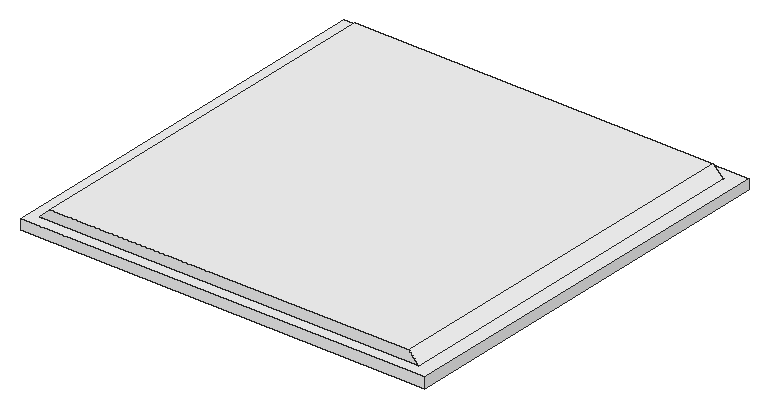
Revit family "JIMMY-HQE-PANEL_LED_28W_BACKLIGHT_3360LM_4000K_UGR17_595X593", category Lighting Fixtures, host Ceiling, Revit 2021
Family settings
  Host = Ceiling
  Round Connector Dimension = Use Diameter
  Part Type = Normal
  OmniClass Number = 23.80.70.11
  OmniClass Title = Luminaries for Internal Lighting
  Always vertical = Yes
  Cut with Voids When Loaded = No
  Light Source = Yes
  Shared = No
  Room Calculation Point = No
Parameters (values of type "Type 1")
  Wattage Comments = "40W"
  Wattage = 25.8462 W
  built-in parameter 1150110 = 1 (stored number, unit not read)
  URL = "https://www.lucera.fr/"
  Type de lampe = "LED San'an"
  Type = "LED"
  built-in parameter 1114217 = 1 (stored number, unit not read)
  Tilt Angle = 90.00°
  built-in parameter 1150109 = 1 (stored number, unit not read)
  built-in parameter 1150134 = 12
  built-in parameter 1150113 = 1 (stored number, unit not read)
  SDCM = "<3"
  Puissance nominale = "28W"
  Photometric Web File = "google_eulumdat_converter.ies"
  Matériau = "aluminium laqué blanc"
  Manufacturer = "Lucera - Lucera (c) 06/01/2021 16:37:56 +01:00"  # constant formula
  Maintien du flux = "L80B10 (50 000 heures)"
  Lumens = 3360 lm
  built-in parameter 1150115 = 1 (stored number, unit not read)
  built-in parameter 1150105 = 267.38 (stored number, unit not read)
  built-in parameter 1150137 = (empty or 0)
  built-in parameter 1150139 = (empty or 0)
  built-in parameter 1150112 = 1 (stored number, unit not read)
  built-in parameter 1150114 = 1 (stored number, unit not read)
  Lamp = "LED San’an 100lm/W"
  built-in parameter 1150132 = 2
  built-in parameter 1150102 = (empty or 0)
  built-in parameter 1150138 = (empty or 0)
  built-in parameter 1150107 = 4000 (stored number, unit not read)
  built-in parameter 1150106 = 2.6738 (stored number, unit not read)
  IRC = ">80"
  Emit from Rectangle Width = 609.6 mm
  Emit from Rectangle Length = 1219.2 mm
  Emit Shape Visible in Rendering = no
  built-in parameter 1150104 = 12.077 (stored number, unit not read)
  Durée de vie = "50 000 heures"
  Driver = "Driver Lifud 750mA no-flicker\r\n Driver classe 2 marque Lifud no-flicker avec connecteur rapide/ option DALI\r\n connecteur rapide/ op�on DALI"
  Dimming Lamp Color Temperature Shift = <None>
  Dimensions d’encastrement = "595 x 595 x 30 mm"
  Dimensions = "595 x 595 x 30 mm"
  Diffuseur = "Diffuseur prismatique"
  Default Elevation = 0 mm
  Color Filter = 16777215
  built-in parameter 1114218 = 1 (stored number, unit not read)
  built-in parameter 1150133 = 10 (stored number, unit not read)
  Angle d'éclairage = "90°"
  Alimentation luminaire = "33-40V dc / 1000 mA"
  Alimentation Driver = "220-240V AC"
Reference planes
  plane 1 "Light Source Axis (F/B)": y = 0
  plane 2: z = 0
  plane 3 "Light Source Axis (L/R)": x = 0
  plane 4 "Ceiling": z = 4000
  plane 5 "Light Source Elevation": z = 3988.813
Forms (mm)
  Extrusion 1, solid, material "Aluminum laqué blanc"
    sketch origin (-2.5, 0, 3985) x (0, 1, 0) y (-1, 0, 0)
      loop
        line (295, 297.5) -> (-300, 297.5) -> (-300, -297.5) -> (295, -297.5) -> (295, 297.5)
      loop
        line (277.006, 278.742) -> (-282.994, 278.742) -> (-282.994, -276.258) -> (277.006, -276.258) -> (277.006, 278.742)
    from 0 to 15
  Extrusion 2, solid, material "Aluminum laqué blanc"
    sketch origin (-1.332, 0, 0) x (1, 0, 0) y (0, 0, 1)
      loop
        line (273.758, 4000) -> (258.758, 4015) -> (-268.668, 4015) -> (-283.668, 4000) -> (273.758, 4000)
    from -277.006 to 282.994
  Extrusion 3, solid, material "Glass, White, High Luminance"
    sketch origin (0, 0, 4000) x (0, 1, 0) y (-1, 0, 0)
      loop
        line (277.006, 281.242) -> (-282.994, 281.242) -> (-282.994, -272.426) -> (277.006, -272.426) -> (277.006, 281.242)
    from -16.671 to -11.187
Lines and regions (mm)
  reference lines
    curve 1: line (0, 325, 3983.329) -> (0, 325, 4013.329)
    curve 2: line (0, 325, 4013.329) -> (0, -300, 4013.329)
    curve 3: line (0, -300, 4013.329) -> (0, -300, 3983.329)
    curve 4: line (0, -300, 4000) -> (297.5, -300, 4000)
    curve 5: line (297.5, -300, 4000) -> (297.5, 295, 4000)
    curve 6: line (297.5, 295, 4000) -> (-297.5, 295, 4000)
    curve 7: line (-297.5, 295, 4000) -> (-297.5, -300, 4000)
    curve 8: line (-297.5, -300, 4000) -> (0, -300, 4000)
    curve 9: line (257.426, 0, 4015) -> (295, 0, 4015)
    curve 10: line (295, 0, 4015) -> (-300, 0, 4015)
    curve 11: line (-300, 0, 4015) -> (-300, 0, 3985)
Dimensions and locks
  equal spacing: host sketch curve, plane 3 "Light Source Axis (L/R)", host sketch curve
  equal spacing: host sketch curve, plane 1 "Light Source Axis (F/B)", host sketch curve
  host sketch curve to host sketch curve = 4000 mm  (x2)
  plane 4 "Ceiling" to host ceiling = 0 mm
  aligned and locked: plane 3 "Light Source Axis (L/R)" to imposter light
  aligned and locked: plane 1 "Light Source Axis (F/B)" to imposter light
  aligned and locked: plane 5 "Light Source Elevation" to imposter light
